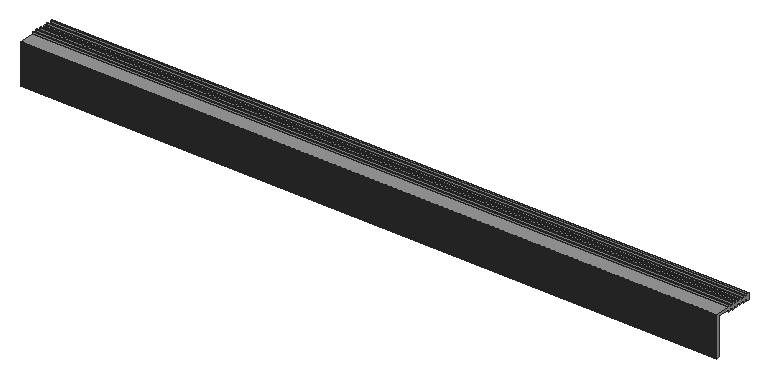
Revit family "Constructuion Joint Retrofit", category Specialty Equipment, Revit 2019
Family settings
  Round Connector Dimension = Use Diameter
  Part Type = Normal
  OmniClass Number = 23.10.00.00
  OmniClass Title = Site Products
  Work Plane-Based = No
  Cut with Voids When Loaded = No
  Shared = No
  Room Calculation Point = No
Parameters (values of type "JP336L - Horizontal")
  z_Vertical = no
  z_Left Cut Distance [instance] = if([Left Cut 45° Tee-Cross], 0.00", 5.00")  # 5.00"
  z_Horizontal = yes
  z_Distance 3 [instance] = if(Ellbow Cut, 4.00", 15.00")  # 15.00"
  z_Distance 2 [instance] = if(and(Corner Cut, z_Vertical), 0.44", 5.00")  # 5.00"
  z_Distance 1 [instance] = if([Right Cut 45° Tee-Cross], 5.00", 10.00")  # 10.00"
  z_Distance [instance] = if([Left Cut 45° Tee-Cross], 5.00", 10.00")  # 10.00"
  z_Cut Distance [instance] = if(z_Distance 2 = 0.44", 0.44", 0.00")  # 0.00"
  Width = 3.00"
  Weight = "2 lbs/lft"
  URL = "https://www.jpspecialties.com/"
  z_Right Cut Distance [instance] = if([Right Cut 45° Tee-Cross], 0.00", 5.00")  # 5.00"
  Telephone = "951-763-7077"
  Right Cut 45° Tee-Cross [instance] = no
  Product data url = "www.bimmodeller.com/jpspecialties/products/Polyvinyl-Chloride-PVC-Waterstop"
  Product Material = JP Specialties - Polyvinyl Chloride (PVC)
  Product Guid = "27e5cdcc-cece-4d8c-947d-ca6b8ef269ba"  # constant formula
  NOTE [instance] = "Elbow Cut and Tee-Cross cuts cannot be checked at the same time"  # constant formula
  Model = "JP336L"
  Materials = TPV
  Manufacturer = "J P Specialties Inc."  # constant formula
  built-in parameter 1001306 [instance] = 48.00"
  Left Cut 45° Tee-Cross [instance] = no
  z_Ellbow Cut Distance [instance] = if(Ellbow Cut, 0.00", 5.00")  # 5.00"
  z_Ellbow Cut Sweep Distance [instance] = if(Ellbow Cut, 5.00", 0.00")  # 0.00"
  Hydrophobic = "Yes"
  Hydrophilic = "No"
  Height = 3.00"
  Ellbow Cut [instance] = no
  Keynote = "13000"
  Edition number = 1
  Description = "JP336L is Earth Shield thermoplastic vulcanizate retrofit waterstop. Chemical, fuel, and ozone resistant. Includes all stainless steel bolts and bar."
  Corner Cut [instance] = yes
  Certifications = "NSF 61, NSF 372, CRD C-572-74, ASTM D480"
  Assembly Code = "F1030"
Types (2): name | z_Vertical | z_Horizontal | z_Distance 2 | z_Cut Distance
  JP336L - Horizontal | no | yes | 5.00" | 0.00"
  JP336L - Vertical | yes | no | 0.44" | 0.44"
Reference planes (in)
  plane 1 "Center (Front/Back)": y = 0
  plane 2: z = 0
  plane 3 "Left": x = 0
  plane 4 "Right": x = 48
  plane 5: y = 3
  plane 6: y = -3
  plane 7: z = -3
  plane 8: z = 10
  plane 9: z = -10
  plane 10: x = 48
  plane 11: z = 15
  plane 12: x = -5
  plane 13: x = 0
  plane 14: y = 4.75
Forms (in)
  Extrusion 1, void
    sketch origin (0, 0, 0) x (1, 0, 0) y (0, 1, 0)
      loop
        line (48, 0) -> (48, 4.75) -> (43.25, 4.75) -> (48, 0)
    from 2 to 12
  Extrusion 2, void
    sketch origin (0, 0, 0) x (1, 0, 0) y (0, 1, 0)
      loop
        line (48, -1.49989) -> (48, 4.50016) -> (41.99995, 4.50016) -> (48, -1.49989)
    from 2 to 12.82911
  Extrusion 3, void
    sketch origin (0, 0, 0) x (1, 0, 0) y (0, 1, 0)
      loop
        line (48, 0) -> (43.5, -4.5) -> (48, -4.5) -> (48, 0)
    from 2 to 12
  Extrusion 4, void
    sketch origin (0, 0, 0) x (1, 0, 0) y (0, 0, 1)
      loop
        line (48, 4.96871) -> (48, 10) -> (42.96871, 10) -> (48, 4.96871)
    from -8.21469 to 12
  Extrusion 5, void
    sketch origin (0, 0, 0) x (1, 0, 0) y (0, 0, 1)
      loop
        line (48, -5) -> (43, -10) -> (48, -10) -> (48, -5)
    from -8.21469 to 12
  Extrusion 6, void
    sketch origin (0, 0, 0) x (1, 0, 0) y (0, 0, 1)
      loop
        line (48, 12.50033) -> (41.93717, 6.4375) -> (48, 6.4375) -> (48, 12.50033)
    from -10.45709 to 12
  Extrusion 7, void
    sketch origin (0, 0, 0) x (1, 0, 0) y (0, 1, 0)
      loop
        line (-5, -4.5025) -> (4.2525, 4.75) -> (-5, 4.75) -> (-5, -4.5025)
    from -8.14882 to 12
  Sweep 8, solid, material "TPV" <- "Materials", visible <- "z_Horizontal"
    path origin (0, 0, 0) x (1, 0, 0) y (0, 1, 0)
      loop
        line (-5, 0.00016) -> (48, 0.00016)
    profile "JP336L.dwg : JP336L.dwg" origin (21.5, 0.00016, 0) x (0, 1, 0) y (0, 0, 1)
      loop
        line (-1.4688, 0.03125) -> (-1.50005, 0) -> (-1.4688, -0.03125) -> (-1.50005, -0.0625) -> (-1.4688, -0.09375) -> (-1.50005, -0.125) -> (-1.4688, -0.15625) -> (-1.50005, -0.1875) -> (-1.4688, -0.21875) -> (-1.50005, -0.25) -> (-1.4688, -0.28125) -> (-1.50005, -0.3125) -> (-1.4688, -0.34375) -> (-1.50005, -0.375) -> (-1.4688, -0.40625) -> (-1.50005, -0.4375) -> (-1.4688, -0.46875) -> (-1.50005, -0.5) -> (-1.4688, -0.53125) -> (-1.50005, -0.5625) -> (-1.4688, -0.59375) -> (-1.50005, -0.625) -> (-1.4688, -0.65625) -> (-1.50005, -0.6875) -> (-1.4688, -0.71875) -> (-1.50005, -0.75) -> (-1.4688, -0.78125) -> (-1.50005, -0.8125) -> (-1.4688, -0.84375) -> (-1.50005, -0.875) -> (-1.4688, -0.90625) -> (-1.50005, -0.9375) -> (-1.4688, -0.96875) -> (-1.50005, -1) -> (-1.4688, -1.03125) -> (-1.50005, -1.0625) -> (-1.4688, -1.09375) -> (-1.50005, -1.125) -> (-1.4688, -1.15625) -> (-1.50005, -1.1875) -> (-1.4688, -1.21875) -> (-1.50005, -1.25) -> (-1.4688, -1.28125) -> (-1.50005, -1.3125) -> (-1.4688, -1.34375) -> (-1.50005, -1.375) -> (-1.4688, -1.40625) -> (-1.50005, -1.4375) -> (-1.4688, -1.46875) -> (-1.50005, -1.5) -> (-1.3125, -1.5) -> (-1.3125, 1.3125) -> (-0.35, 1.3125) -> (-0.35, 1.1875) -> (-0.25, 1.1875) -> (-0.25, 1.3125) -> (0, 1.3125) -> (0, 1.1875) -> (0.1, 1.1875) -> (0.1, 1.3125) -> (0.35, 1.3125) -> (0.35, 1.1875) -> (0.45, 1.1875) -> (0.45, 1.3125) -> (0.7, 1.3125) -> (0.7, 1.1875) -> (0.8, 1.1875) -> (0.8, 1.3125) -> (1.05, 1.3125) -> (1.05, 1.1875) -> (1.15, 1.1875) -> (1.15, 1.3125) -> (1.4, 1.3125) -> (1.4, 1.1875) -> (1.5, 1.1875) -> (1.5, 1.3125) -> (1.5, 1.5) -> (1.5, 1.625) -> (1.4, 1.625) -> (1.4, 1.5) -> (1.15, 1.5) -> (1.15, 1.625) -> (1.05, 1.625) -> (1.05, 1.5) -> (0.8, 1.5) -> (0.8, 1.625) -> (0.7, 1.625) -> (0.7, 1.5) -> (0.45, 1.5) -> (0.45, 1.625) -> (0.35, 1.625) -> (0.35, 1.5) -> (0.1, 1.5) -> (0.1, 1.625) -> (0, 1.625) -> (0, 1.5) -> (-0.25, 1.5) -> (-0.25, 1.625) -> (-0.35, 1.625) -> (-0.35, 1.5) -> (-1.3125, 1.5) -> (-1.50005, 1.5) -> (-1.4688, 1.46875) -> (-1.50005, 1.4375) -> (-1.4688, 1.40625) -> (-1.50005, 1.375) -> (-1.4688, 1.34375) -> (-1.50005, 1.3125) -> (-1.4688, 1.28125) -> (-1.50005, 1.25) -> (-1.4688, 1.21875) -> (-1.50005, 1.1875) -> (-1.4688, 1.15625) -> (-1.50005, 1.125) -> (-1.4688, 1.09375) -> (-1.50005, 1.0625) -> (-1.4688, 1.03125) -> (-1.50005, 1) -> (-1.4688, 0.96875) -> (-1.50005, 0.9375) -> (-1.4688, 0.90625) -> (-1.50005, 0.875) -> (-1.4688, 0.84375) -> (-1.50005, 0.8125) -> (-1.4688, 0.78125) -> (-1.50005, 0.75) -> (-1.4688, 0.71875) -> (-1.50005, 0.6875) -> (-1.4688, 0.65625) -> (-1.50005, 0.625) -> (-1.4688, 0.59375) -> (-1.50005, 0.5625) -> (-1.4688, 0.53125) -> (-1.50005, 0.5) -> (-1.4688, 0.46875) -> (-1.50005, 0.4375) -> (-1.4688, 0.40625) -> (-1.50005, 0.375) -> (-1.4688, 0.34375) -> (-1.50005, 0.3125) -> (-1.4688, 0.28125) -> (-1.50005, 0.25) -> (-1.4688, 0.21875) -> (-1.50005, 0.1875) -> (-1.4688, 0.15625) -> (-1.50005, 0.125) -> (-1.4688, 0.09375) -> (-1.50005, 0.0625) -> (-1.4688, 0.03125)
  Sweep 9, solid, material "TPV" <- "Materials", visible <- "z_Vertical"
    path origin (0, 0, 0) x (1, 0, 0) y (0, 1, 0)
      loop
        line (-5, 0) -> (48, 0)
    profile "JP336L.dwg : JP336L.dwg" origin (21.5, 0, 0) x (0, 1, 0) y (0, 0, 1)
      loop
        line (0.03153, 1.46921) -> (0.00028, 1.50046) -> (-0.03097, 1.46921) -> (-0.06222, 1.50045) -> (-0.09347, 1.4692) -> (-0.12472, 1.50045) -> (-0.15597, 1.4692) -> (-0.18722, 1.50044) -> (-0.21847, 1.46919) -> (-0.24972, 1.50044) -> (-0.28097, 1.46919) -> (-0.31222, 1.50043) -> (-0.34347, 1.46918) -> (-0.37472, 1.50043) -> (-0.40597, 1.46917) -> (-0.43722, 1.50042) -> (-0.46847, 1.46917) -> (-0.49972, 1.50042) -> (-0.53097, 1.46916) -> (-0.56222, 1.50041) -> (-0.59347, 1.46916) -> (-0.62472, 1.50041) -> (-0.65597, 1.46915) -> (-0.68722, 1.5004) -> (-0.71847, 1.46915) -> (-0.74972, 1.5004) -> (-0.78097, 1.46914) -> (-0.81222, 1.50039) -> (-0.84347, 1.46914) -> (-0.87472, 1.50038) -> (-0.90597, 1.46913) -> (-0.93722, 1.50038) -> (-0.96847, 1.46913) -> (-0.99972, 1.50037) -> (-1.03097, 1.46912) -> (-1.06222, 1.50037) -> (-1.09347, 1.46912) -> (-1.12472, 1.50036) -> (-1.15597, 1.46911) -> (-1.18722, 1.50036) -> (-1.21847, 1.46911) -> (-1.24972, 1.50035) -> (-1.28097, 1.4691) -> (-1.31222, 1.50035) -> (-1.34347, 1.46909) -> (-1.37472, 1.50034) -> (-1.40597, 1.46909) -> (-1.43722, 1.50034) -> (-1.46847, 1.46908) -> (-1.49972, 1.50033) -> (-1.4997, 1.31278) -> (1.3128, 1.31302) -> (1.31288, 0.35052) -> (1.18788, 0.35051) -> (1.18789, 0.25051) -> (1.31289, 0.25052) -> (1.31291, 0.00052) -> (1.18791, 0.00051) -> (1.18792, -0.09949) -> (1.31292, -0.09948) -> (1.31294, -0.34948) -> (1.18794, -0.34949) -> (1.18795, -0.44949) -> (1.31295, -0.44948) -> (1.31297, -0.69948) -> (1.18797, -0.69949) -> (1.18798, -0.79949) -> (1.31298, -0.79948) -> (1.313, -1.04948) -> (1.188, -1.04949) -> (1.18801, -1.14949) -> (1.31301, -1.14948) -> (1.31303, -1.39948) -> (1.18803, -1.39949) -> (1.18804, -1.49949) -> (1.31304, -1.49948) -> (1.50054, -1.49946) -> (1.62554, -1.49945) -> (1.62553, -1.39945) -> (1.50053, -1.39946) -> (1.50051, -1.14946) -> (1.62551, -1.14945) -> (1.6255, -1.04945) -> (1.5005, -1.04946) -> (1.50048, -0.79946) -> (1.62548, -0.79945) -> (1.62547, -0.69945) -> (1.50047, -0.69946) -> (1.50045, -0.44946) -> (1.62545, -0.44945) -> (1.62544, -0.34945) -> (1.50044, -0.34946) -> (1.50042, -0.09946) -> (1.62542, -0.09945) -> (1.62541, 0.00055) -> (1.50041, 0.00054) -> (1.50039, 0.25054) -> (1.62539, 0.25055) -> (1.62538, 0.35055) -> (1.50038, 0.35054) -> (1.5003, 1.31304) -> (1.50028, 1.50059) -> (1.46903, 1.46934) -> (1.43778, 1.50058) -> (1.40653, 1.46933) -> (1.37528, 1.50058) -> (1.34403, 1.46932) -> (1.31278, 1.50057) -> (1.28153, 1.46932) -> (1.25028, 1.50057) -> (1.21903, 1.46931) -> (1.18778, 1.50056) -> (1.15653, 1.46931) -> (1.12528, 1.50056) -> (1.09403, 1.4693) -> (1.06278, 1.50055) -> (1.03153, 1.4693) -> (1.00028, 1.50055) -> (0.96903, 1.46929) -> (0.93778, 1.50054) -> (0.90653, 1.46929) -> (0.87528, 1.50053) -> (0.84403, 1.46928) -> (0.81278, 1.50053) -> (0.78153, 1.46928) -> (0.75028, 1.50052) -> (0.71903, 1.46927) -> (0.68778, 1.50052) -> (0.65653, 1.46927) -> (0.62528, 1.50051) -> (0.59403, 1.46926) -> (0.56278, 1.50051) -> (0.53153, 1.46925) -> (0.50028, 1.5005) -> (0.46903, 1.46925) -> (0.43778, 1.5005) -> (0.40653, 1.46924) -> (0.37528, 1.50049) -> (0.34403, 1.46924) -> (0.31278, 1.50049) -> (0.28153, 1.46923) -> (0.25028, 1.50048) -> (0.21903, 1.46923) -> (0.18778, 1.50048) -> (0.15653, 1.46922) -> (0.12528, 1.50047) -> (0.09403, 1.46922) -> (0.06278, 1.50046) -> (0.03153, 1.46921)
Cuts and joins
  Extrusion 1, Extrusion 2, Extrusion 3 cuts Sweep 8
  Extrusion 4, Extrusion 5, Extrusion 6 cuts Sweep 9
Dimensions and locks (in)
  "built-in parameter 1001306": plane 3 "Left" to plane 4 "Right"
  equal spacing: plane 5, plane 1 "Center (Front/Back)", plane 6
  locked: plane 5 to plane 6 at 6
  locked: Extrusion 1 sketch curve to plane 4 "Right" at 4.75
  locked: Extrusion 3 sketch curve to plane 4 "Right" at 4.5
  locked: plane 6 to Extrusion 3 sketch curve at 3
  locked: plane 8 to Extrusion 4 sketch curve at 5.03129
  locked: Extrusion 5 sketch curve to plane 9 at 5
  "z_Ellbow Cut Sweep Distance": plane 10 to plane 4 "Right"
  "z_Distance 2": plane 12 to plane 3 "Left"
  locked: plane 1 "Center (Front/Back)" to Extrusion 7 sketch curve at 4.75
  "z_Cut Distance": plane 13 to plane 3 "Left"
  locked: plane 12 to Extrusion 7 sketch curve at 9.2525
  locked: plane 5 to plane 14 at 1.75
  "z_Distance": plane 8 to level
  "z_Distance 3": plane 11 to plane 2
  level to plane 7 = 3.00"
  "z_Ellbow Cut Distance": Extrusion 2 to plane 7
  "z_Distance 1": level to plane 9
  "z_Left Cut Distance": Extrusion 3 to plane 7
  "z_Right Cut Distance": Extrusion 1 to plane 7
  Extrusion 2 sketch curve to plane 1 "Center (Front/Back)" to Extrusion 2 sketch curve = 1.49989" locked, 4.50016" locked
  plane 11 to Extrusion 6 sketch curve to Extrusion 6 sketch curve = 2.49967" locked, 6.06283" locked
  locked: plane 4 "Right" to Extrusion 1 sketch curve (angle 45.00°)
  locked: Extrusion 3 sketch curve to plane 4 "Right" (angle 45.00°)
  locked: plane 4 "Right" to Extrusion 4 sketch curve (angle 45.00°)
  angle Extrusion 5 sketch curve to plane 4 "Right" = 45.00°
  locked: Extrusion 7 sketch curve to plane 12 (angle 45.00°)
  locked: Extrusion 2 sketch curve to Extrusion 2 sketch curve (angle 45.00°)
  locked: Extrusion 6 sketch curve to Extrusion 6 sketch curve (angle 45.00°)
  aligned and locked: level to plane 2
  aligned and locked: Extrusion 1 sketch curve to plane 4 "Right"
  aligned and locked: plane 1 "Center (Front/Back)" to Extrusion 1 sketch curve
  aligned and locked: Extrusion 4 sketch curve to plane 8
  aligned and locked: Extrusion 4 sketch curve to plane 4 "Right"
  aligned and locked: plane 4 "Right" to Extrusion 5 sketch curve  (x2)
  aligned and locked: plane 9 to Extrusion 5 sketch curve
  aligned and locked: plane 10 to Extrusion 6 sketch curve
  aligned and locked: plane 12 to Sweep 8 sketch curve
  aligned and locked: plane 10 to Extrusion 3 sketch curve
  aligned and locked: plane 14 to Extrusion 1 sketch curve
  aligned and locked: plane 12 to Sweep 9 sketch curve
  aligned and locked: plane 1 "Center (Front/Back)" to Sweep 9 sketch curve
  aligned and locked: plane 10 to Sweep 9 sketch curve
  aligned and locked: plane 12 to Extrusion 7 sketch curve
  aligned and locked: plane 10 to Extrusion 2 sketch curve
  aligned and locked: plane 10 to Sweep 8 sketch curve
Automatic sketch dimensions
  Sweep 8 sketch curve to plane 1 "Center (Front/Back)" = 0.00016"
